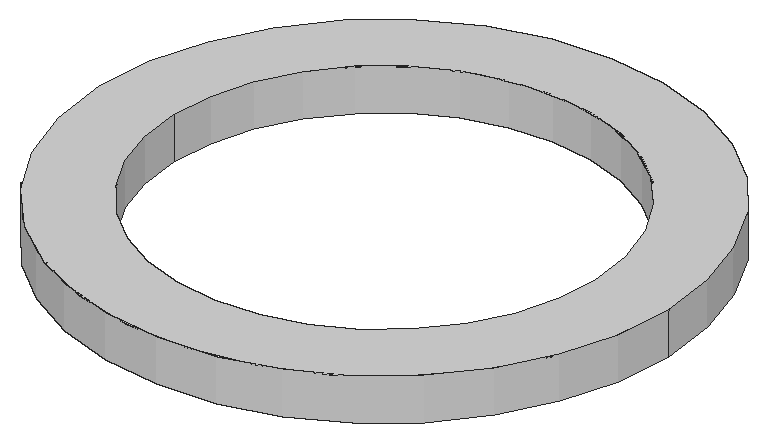
Revit family "QSS_Шайба увеличенная", category Обобщенные модели, Revit 2019
Family settings
  Может служить основой для арматурных стержней = Нет
  Размер круглого соединителя = Использовать диаметр
  Тип детали = Нормальный
  На основе рабочей плоскости = Нет
  Всегда вертикально = Нет
  При загрузке вырезать с полостями = Нет
  Общий = Да
  Точка расчета площади = Нет
Parameters (values of type "QSS+_M20")
  Поиск в таблице имен = "QSS_Шайба увеличенная"
  Материал_Корпус = Металл
  d [instance] = DN + 7 mm  # 27 mm
  DN [instance] = 20 mm
  ADSK_Наименование [instance] = size_lookup(Поиск в таблице имен, "ADSK_Наименование", "Нет в каталоге", DN)  # "Шайба увеличенная М20"
  ADSK_Масса_Текст [instance] = ""
  ADSK_Масса [instance] = 0
  ADSK_Марка = ""
  ADSK_Код изделия [instance] = size_lookup(Поиск в таблице имен, "ADSK_Код изделия", "Решение не найдено", DN)  # "QSS-SAI-240988"
  ADSK_Завод-изготовитель = "Agpipe"  # constant formula
  ADSK_Единица измерения = "шт."  # constant formula
Types (3, lengths in mm): name | d | DN | ADSK_Наименование | ADSK_Код изделия
  QSS+_M10 | 17 | 10 | "Шайба увеличенная М10" | "QSS-SAI-240336"
  QSS+_M16 | 23 | 16 | "Шайба увеличенная М12" | "QSS-SAI-240987"
  QSS+_M20 | 27 | 20 | "Шайба увеличенная М20" | "QSS-SAI-240988"
Reference planes
  plane 1 "По центру (Вперед/Назад)": y = 0
  plane 2: z = 0
  plane 3 "По центру (Влево/Вправо)": x = 0
Forms (mm)
  Extrusion 1, solid, material "Металл" <- "Материал_Корпус"
    sketch origin (0, 0, 0) x (1, 0, 0) y (0, 1, 0)
      loop
        circle (0, 0) r 13.5
      loop
        circle (0, 0) r 10
    from 0 to 2
Dimensions and locks
  "d": diameter of Extrusion 1 sketch curve
  "DN": diameter of Extrusion 1 sketch curve
  aligned and locked: level to plane 2
Automatic sketch dimensions
  Extrusion 1 sketch curve to Extrusion 1 sketch curve = 0 mm  (x2)
  plane 1 "По центру (Вперед/Назад)" to Extrusion 1 sketch curve = 0 mm
  Extrusion 1 sketch curve to plane 3 "По центру (Влево/Вправо)" = 0 mm
